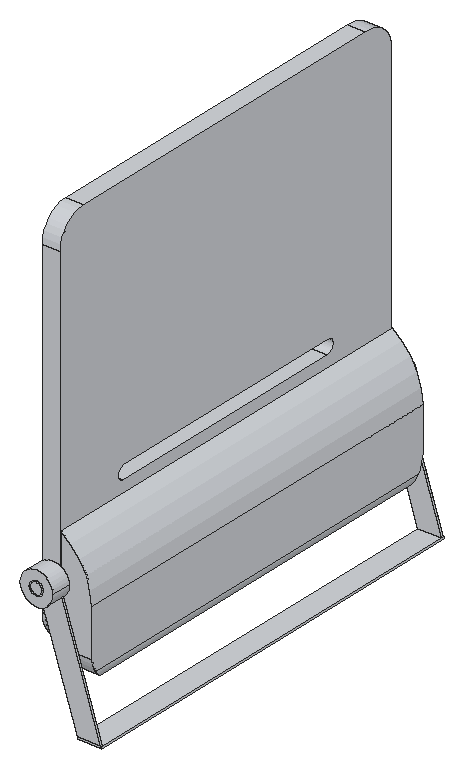
Revit family "2824016", category Generic Models, host Face, Revit 2018
Family settings
  Host = Face
  Can host rebar = No
  Round Connector Dimension = Use Diameter
  Part Type = Normal
  OmniClass Number = 23.80.70.00
  OmniClass Title = Lighting
  Cut with Voids When Loaded = No
  Shared = No
  Room Calculation Point = No
Parameters (values of type "Type Name")
  rotation axis = 142.4 mm
  bracket width = 588 mm
  URL = "http://www.sylvania-lighting.com"
  Type Image = <None>
  Type Comments = "n/a"
  Material_3_SYL = none
  Model = ""
  Manufacturer = "Feilo Sylvania"
  Keynote = ""
  Material_2_SYL = none
  Height = 157.859 mm
  Description = ""
  Default Elevation = 1219.2 mm
  Cost = 0
  Material_1_SYL = none
  Bracket Height = 195 mm
  Assembly Code = ""
  Material_4_SYL = none
Reference planes
  plane 1 "Center (Front/Back)": y = 0
  plane 2: z = 0
  plane 3 "Center (Left/Right)": x = 0
  plane 4: x = -16.5
  plane 5: x = 16.5
  plane 6: z = 155
  plane 7: x = -51.5
  plane 8: z = 137
  plane 9 "Rotation Axis": z = 142.4
  plane 10: z = 152.35
  plane 11: z = 195
  plane 12: x = -73.847
  plane 13: y = 294
  plane 14: y = -294
  plane 15: through (-72.693, -4572, 174.07) normal (-0.3105, 0, 0.9506)
  plane 16: through (-63.557, -4572, 193.954) normal (0.9506, 0, 0.3105)
  plane 17: y = 312
  plane 18: y = 288
  plane 19: y = -312
  plane 20: y = -286
  plane 21: z = 65
Forms (mm)
  Extrusion 1, solid, detail levels medium+fine
    sketch origin (0, 0, 0) x (1, 0, 0) y (0, 1, 0)
      loop
        line (-16.5, 294) -> (-16.5, -294) -> (16.5, -294) -> (16.5, 294) -> (-16.5, 294)
    from 0 to 2
  Extrusion 2, solid, detail levels medium+fine
    sketch origin (1524, -474.9, 1220.035) x (1, 0, 0) y (0, 0, 1)
      loop
        line (-1540.496, -1218.035) -> (-1507.966, -1218.035) -> (-1567.674, -1035.217)
        arc (-1567.674, -1035.217) -> (-1587.557, -1026.081) -> (-1596.693, -1045.965) r 15.473
        line (-1596.693, -1045.965) -> (-1540.496, -1218.035)
    from -180.9 to -182.9
  Extrusion 3, solid, detail levels medium+fine
    sketch origin (0, 0, 0.069) x (1, 0, 0) y (0, 0, 1)
      loop
        line (-16.39, 1.931) -> (16.139, 1.931) -> (-43.636, 184.958)
        arc (-43.636, 184.958) -> (-63.457, 193.922) -> (-72.656, 174.21) r 15.474
        line (-72.656, 174.21) -> (-16.39, 1.931)
    from -294 to -292
  Extrusion 4, solid, detail levels medium+fine
    sketch origin (-6.388, 0, 36.204) x (1, 0, 0) y (0, 0, 1)
      loop
        circle (-51.99, 142.374) r 22.5
    from -286.248 to -312
  Extrusion 5, solid, detail levels medium+fine
    sketch origin (-6.358, 0, 36.195) x (1, 0, 0) y (0, 0, 1)
      loop
        circle (-51.99, 142.374) r 22.5
    from 283.024 to 312
  Extrusion 6, void
    sketch origin (-6.561, 0, 36.284) x (1, 0, 0) y (0, 0, 1)
      loop
        circle (-51.99, 142.374) r 10
    from 294 to 312
  Extrusion 7, solid, detail levels fine
    sketch origin (-6.561, 0, 36.201) x (1, 0, 0) y (0, 0, 1)
      loop
        circle (-51.99, 142.374) r 7.5
    from 294 to 312
  Extrusion 8, void
    sketch origin (1517.357, -324.9, 1255.472) x (1, 0, 0) y (0, 0, 1)
      loop
        circle (-1575.99, -1076.826) r 10
    from -636.9 to -618.9
  Extrusion 9, solid, detail levels fine
    sketch origin (1517.42, -324.9, 1255.374) x (1, 0, 0) y (0, 0, 1)
      loop
        circle (-1575.99, -1076.826) r 7.5
    from -636.9 to -618.9
  Revolve 10, solid, not visible, detail levels coarse
    sketch origin (-58.257, 1655.459, 1254.912) x (0, 1, 0) y (0, 0, 1)
      loop
        line (-1369.21, -1054.349) -> (-1379.437, -1054.349) -> (-1379.437, -1074.349) -> (-1369.21, -1074.349) -> (-1369.21, -1054.349)
      axis (-1369.21, -1076.8) -> (-1379.437, -1076.8)
    angle from 0 to 180
Cuts and joins
  Extrusion 6 cuts Extrusion 5
  Extrusion 8 cuts Extrusion 4
Dimensions and locks
  "Bracket Height": plane 11 to level
  "bracket width": plane 14 to plane 13
  equal spacing: plane 14, plane 1 "Center (Front/Back)", plane 13
  aligned and locked: plane 2 to host face
  aligned and locked: level to host face
Automatic sketch dimensions
  host sketch curve to host sketch curve = 2438.4 mm  (x2)
  Extrusion 1 sketch curve to plane 4 = 0 mm
  Extrusion 1 sketch curve to plane 5 = 0 mm
  Extrusion 4 sketch curve to plane 9 "Rotation Axis" = 36.178 mm
  Extrusion 5 sketch curve to plane 9 "Rotation Axis" = 36.169 mm
  Extrusion 6 sketch curve to plane 9 "Rotation Axis" = 36.258 mm
  Extrusion 7 sketch curve to plane 9 "Rotation Axis" = 36.175 mm
  Extrusion 8 sketch curve to plane 9 "Rotation Axis" = 36.246 mm
  Extrusion 9 sketch curve to plane 9 "Rotation Axis" = 36.148 mm
  Revolve 10 sketch curve to plane 9 "Rotation Axis" = 35.712 mm
  Revolve 10 sketch curve to Revolve 10 sketch curve = 10.227 mm
  Revolve 10 sketch curve to plane 9 "Rotation Axis" = 38.163 mm
  plane 6 to Revolve 10 sketch curve = 45.563 mm
  Revolve 10 sketch curve to Revolve 10 sketch curve = 62.43 mm
  Revolve 10 sketch curve to Revolve 10 sketch curve = 22.367 mm
  plane 12 to Extrusion 2 sketch curve = 1.154 mm
  plane 7 to Extrusion 2 sketch curve = 6.684 mm
  Extrusion 2 sketch curve to plane 7 = 7.826 mm
  plane 4 to Extrusion 2 sketch curve = 0.004 mm
  level to Extrusion 2 sketch curve = 2 mm
  plane 6 to Extrusion 2 sketch curve = 19.07 mm
  Extrusion 2 sketch curve to Extrusion 2 sketch curve = 5.374 mm
  Extrusion 2 sketch curve to plane 5 = 0.466 mm
  plane 12 to Extrusion 3 sketch curve = 1.191 mm
  plane 7 to Extrusion 3 sketch curve = 6.582 mm
  Extrusion 3 sketch curve to plane 7 = 7.864 mm
  plane 4 to Extrusion 3 sketch curve = 0.11 mm
  Extrusion 3 sketch curve to plane 5 = 0.361 mm
  level to Extrusion 3 sketch curve = 2 mm
  Extrusion 3 sketch curve to Extrusion 3 sketch curve = 5.202 mm
  Extrusion 3 sketch curve to plane 11 = 9.973 mm
  plane 7 to Extrusion 6 sketch curve = 7.052 mm
  plane 7 to Extrusion 7 sketch curve = 7.051 mm
  plane 7 to Extrusion 9 sketch curve = 7.07 mm
  plane 7 to Extrusion 4 sketch curve = 6.879 mm
  plane 7 to Extrusion 5 sketch curve = 6.848 mm
  plane 7 to Extrusion 8 sketch curve = 7.133 mm
  Extrusion 1 sketch curve to plane 13 = 0 mm
  Extrusion 1 sketch curve to plane 14 = 0 mm
  Revolve 10 sketch curve to plane 18 = 11.979 mm
  radius of Extrusion 4 sketch curve = 22.5 mm
  radius of Extrusion 5 sketch curve = 22.5 mm
  radius of Extrusion 6 sketch curve = 10 mm
  radius of Extrusion 7 sketch curve = 7.5 mm
  radius of Extrusion 8 sketch curve = 10 mm
  radius of Extrusion 9 sketch curve = 7.5 mm
Nested families
  nested 1: "2824016" at (-58.257, -68.124, 317.5) x (0, 1, 0) z (1, 0, 0), type "2824016 RAIDEN IP66 30KLM 830 WIDE"
    with built-in parameter 1114216 (empty or 0)
Definition of nested family "2824016"
  Parameters (values of type "2824016 RAIDEN IP66 30KLM 830 WIDE")
    height = 60 mm
    Width = 319 mm
    Wattage Comments = "n/a"
    Wattage = 9.2903 W
    built-in parameter 1150110 = 1 (stored number, unit not read)
    URL = "0.95"
    Type Image = (empty or 0)
    Type Comments = "n/a"
    built-in parameter 1114217 = 1 (stored number, unit not read)
    Tilt Angle = -90.00°
    built-in parameter 1150109 = 1 (stored number, unit not read)
    built-in parameter 1150134 = 3
    built-in parameter 1150113 = 1 (stored number, unit not read)
    Photometric Web File = "2824016.IES"
    Material_3_SYL = none
    Model = "Raiden IP66 30KLM 830 Symmetric Wide"
    Manufacturer = ""
    built-in parameter 1150105 = 109.82 (stored number, unit not read)
    Lumens = 1380 lm
    built-in parameter 1150115 = 1 (stored number, unit not read)
    built-in parameter 1150137 = (empty or 0)
    built-in parameter 1150139 = (empty or 0)
    Length = 511 mm
    built-in parameter 1150112 = 1 (stored number, unit not read)
    built-in parameter 1150114 = 1 (stored number, unit not read)
    Lamp = "n/a"
    Keynote = "n/a"
    Material_2_SYL = none
    built-in parameter 1150132 = (empty or 0)
    built-in parameter 1150102 = (empty or 0)
    built-in parameter 1150107 = 3200 (stored number, unit not read)
    built-in parameter 1150138 = (empty or 0)
    built-in parameter 1150106 = 1.0982 (stored number, unit not read)
    Emit from Circle Diameter = 609.6 mm
    Emit Shape Visible in Rendering = no
    built-in parameter 1150104 = 13.8 (stored number, unit not read)
    Dimming Lamp Color Temperature Shift = (empty or 0)
    Description = "Outdoor and indoor floodlight range with in house design, comes complete with 1m flying lead and adjustable bracket, aluminium housing, RAL 9022 - Pearl light grey, clear glass diffuser, IP66, IK08, Class I, 3000K, Non-dimming, 29300lm, 221W, 133lm/W, CRI80, Symmetric Wide beam angle 60°, 100000 hrs L80B50 lifespan, 561x569x76mm (LxWxH) dimensions, 12.5kg weight."
    Default Elevation = 1219.2 mm
    Cost = 0
    Color Filter = 16777215
    built-in parameter 1114216 [instance] = (empty or 0)
    Material_1_SYL = none
    Body Length = 561 mm
    built-in parameter 1114218 = 1 (stored number, unit not read)
    built-in parameter 1150133 = 10 (stored number, unit not read)
    Assembly Code = "D5020200"
    Apparent Load = 221 VA
    Material_4_SYL = none
  Reference planes
    plane 1 "Center (Front/Back)": y = 2.5
    plane 2: z = 0.95
    plane 3 "Center (Left/Right)": x = 68.124
    plane 4: z = -14.05
    plane 5: z = 15.95
    plane 6: z = 0.95
    plane 7: z = 45.95
    plane 8: y = -253
    plane 9: y = -56
    plane 10: x = 253.624
    plane 11: x = -117.376
    plane 12: x = -123.376
    plane 13: y = -226
    plane 14: y = -76
    plane 15: y = -41.5
    plane 16: y = -213
    plane 17: x = 187.624
    plane 18: x = 259.624
    plane 19: x = 352.624
    plane 20: x = -216.376
    plane 21: x = -194.376
    plane 22: x = 330.624
    plane 23: y = 308
    plane 24: y = 286
    plane 25: x = 322.624
  Forms (mm)
    Extrusion 1, solid
      sketch origin (26.073, 0, 0.95) x (1, 0, 0) y (0, 1, 0)
        loop
          line (-1219.2, 1219.2) -> (-1219.2, -1219.2) -> (1219.2, -1219.2) -> (1219.2, 1219.2) -> (-1219.2, 1219.2)
      from 0 to -68.017
    Extrusion 2, solid, detail levels medium+fine
      sketch origin (83.124, -34.451, 0.95) x (1, 0, 0) y (0, 1, 0)
        loop
          line (-299.5, 302.451) -> (-299.5, -151.549)
          arc (-299.5, -151.549) -> (-287.784, -179.833) -> (-259.5, -191.549) r 40
          line (-259.5, -191.549) -> (229.5, -191.549)
          arc (229.5, -191.549) -> (257.784, -179.833) -> (269.5, -151.549) r 40
          line (269.5, -151.549) -> (269.5, 303.451)
          arc (269.5, 303.451) -> (256.273, 332.849) -> (225.5, 342.451) r 39.284
          line (225.5, 342.451) -> (-259.5, 342.451)
          arc (-259.5, 342.451) -> (-287.784, 330.735) -> (-299.5, 302.451) r 40
      from -15 to 9.702
    Extrusion 3, solid, detail levels medium+fine
      sketch origin (402.124, 1489.549, 1205.15) x (0, 1, 0) y (0, 0, 1)
        loop
          line (-1644.468, -1151.519) -> (-1728.014, -1151.519)
          arc (-1728.014, -1151.519) -> (-1739.904, -1157.404) -> (-1742.436, -1170.427) r 14.954
          line (-1742.436, -1170.427) -> (-1715.549, -1219.2) -> (-1565.549, -1219.2) -> (-1565.549, -1194.2)
          arc (-1565.549, -1194.2) -> (-1599.607, -1162.873) -> (-1644.468, -1151.519) r 94.303
      from -618.5 to -49.5
    Extrusion 4, void
      sketch origin (81.72, -11.578, 0.95) x (1, 0, 0) y (0, 1, 0)
        loop
          arc (-276.096, 29.078) -> (-271.703, 18.471) -> (-261.096, 14.078) r 15
          line (-261.096, 14.078) -> (233.904, 14.078)
          arc (233.904, 14.078) -> (244.51, 18.471) -> (248.904, 29.078) r 15
          line (248.904, 29.078) -> (248.904, 282.578)
          arc (248.904, 282.578) -> (244.51, 293.184) -> (233.904, 297.578) r 15
          line (233.904, 297.578) -> (-261.096, 297.578)
          arc (-261.096, 297.578) -> (-271.703, 293.184) -> (-276.096, 282.578) r 15
          line (-276.096, 282.578) -> (-276.096, 29.078)
      from -16.268 to -10.594
    Extrusion 5, solid, detail levels fine
      sketch origin (83.124, 0.218, 0.95) x (1, 0, 0) y (0, 1, 0)
        loop
          arc (-262.5, 285.782) -> (-273.107, 281.388) -> (-277.5, 270.782) r 15
          line (-277.5, 270.782) -> (-277.5, 17.282)
          arc (-277.5, 17.282) -> (-273.107, 6.675) -> (-262.5, 2.282) r 15
          line (-262.5, 2.282) -> (232.5, 2.282)
          arc (232.5, 2.282) -> (243.107, 6.675) -> (247.5, 17.282) r 15
          line (247.5, 17.282) -> (247.5, 270.782)
          arc (247.5, 270.782) -> (243.107, 281.388) -> (232.5, 285.782) r 15
          line (232.5, 285.782) -> (-262.5, 285.782)
      from -12.231 to -10.594
    Extrusion 6, void
      sketch origin (58.977, -53.062, 0.95) x (1, 0, 0) y (0, 1, 0)
        loop
          arc (184.512, -8.423) -> (194.512, 1.577) -> (184.512, 11.577) r 10
          line (184.512, 11.577) -> (-166.339, 11.577)
          arc (-166.339, 11.577) -> (-176.339, 1.577) -> (-166.339, -8.423) r 10
          line (-166.339, -8.423) -> (184.512, -8.423)
      from -18.734 to 12.525
    Extrusion 7, void
      sketch origin (68.124, -34.451, 0) x (0, 1, 0) y (0, 0, 1)
        loop
          line (-253.049, 15.95) -> (-253.049, -34.125) -> (-191.549, -30.902) -> (-191.549, 15.95) -> (-253.049, 15.95)
      from 191.5 to 306.113
    Extrusion 8, void
      sketch origin (68.124, -34.451, 0) x (0, 1, 0) y (0, 0, 1)
        loop
          line (-191.549, 15.95) -> (-275.432, 15.95) -> (-275.432, -28.004) -> (-191.549, -28.004) -> (-191.549, 15.95)
      from -308.216 to -191.5
    Extrusion 9, void
      sketch origin (-101.376, -126, 0.95) x (1, 0, 0) y (0, 1, 0)
        loop
          line (-115, -60) -> (-115, -100) -> (-75, -100)
          arc (-75, -100) -> (-103.284, -88.284) -> (-115, -60) r 40
      from -22.043 to 15
    Extrusion 10, void
      sketch origin (216.954, 19.065, 0.95) x (1, 0, 0) y (0, 1, 0)
        loop
          line (95.67, -245.065) -> (135.67, -245.065) -> (135.67, -205.065)
          arc (135.67, -205.065) -> (123.954, -233.349) -> (95.67, -245.065) r 40
      from -24.354 to 15
    Extrusion 11, solid, detail levels medium+fine
      sketch origin (1742.042, -359.351, 1205.129) x (1, 0, 0) y (0, 0, 1)
        loop
          circle (-1419.5, -1204.2) r 11
      from -140.977 to -106.464
    Extrusion 12, void
      sketch origin (-125, 0, 0.95) x (1, 0, 0) y (0, 1, 0)
        loop
          line (-91.376, -186) -> (-91.376, -226) -> (-51.376, -226)
          arc (-51.376, -226) -> (-79.66, -214.284) -> (-91.376, -186) r 40
      from -15 to 15
    Extrusion 13, void
      sketch origin (-125.5, 7.123, 0.95) x (1, 0, 0) y (0, 1, 0)
        loop
          line (-91.376, -221) -> (-91.376, -261) -> (-51.376, -261)
          arc (-51.376, -261) -> (-79.66, -249.284) -> (-91.376, -221) r 40
      from 0 to 100
    Extrusion 14, void
      sketch origin (125, 3.379, 0.95) x (1, 0, 0) y (0, 1, 0)
        loop
          arc (227.624, -217.683) -> (215.905, -245.976) -> (187.612, -257.696) r 40.012
          line (187.612, -257.696) -> (227.624, -257.696) -> (227.624, -217.683)
      from 12.525 to 100
    Extrusion 15, solid, detail levels coarse
      sketch origin (0, 0, 0.95) x (1, 0, 0) y (0, 1, 0)
        loop
          line (-216.376, 308) -> (-216.376, -252.887) -> (352.624, -252.887) -> (352.624, 308) -> (-216.376, 308)
      from -15 to 52.681
  Cuts and joins
    Extrusion 4, Extrusion 6, Extrusion 7, Extrusion 8, Extrusion 9, Extrusion 10, Extrusion 12 cuts Extrusion 2
    Extrusion 6, Extrusion 7, Extrusion 8, Extrusion 9, Extrusion 10, Extrusion 12, Extrusion 13, Extrusion 14 cuts Extrusion 3
    Extrusion 14 cuts Extrusion 11
  Dimensions and locks
    "height": plane 4 to plane 7
    plane 1 "Center (Front/Back)" to plane 8 = 255.5 mm
    Extrusion 15 to Extrusion 2 = 534 mm
    plane 1 "Center (Front/Back)" to Extrusion 5 = 283.5 mm
    "Body Length": plane 23 to plane 8
    aligned and locked: plane 2 to Extrusion 1
    aligned and locked: level to Extrusion 1
  Automatic sketch dimensions
    Extrusion 1 sketch curve to Extrusion 1 sketch curve = 2438.4 mm  (x2)
    Extrusion 4 sketch curve to plane 3 "Center (Left/Right)" = 262.5 mm
    Extrusion 4 sketch curve to Extrusion 4 sketch curve = 15 mm  (x3)
    plane 1 "Center (Front/Back)" to Extrusion 4 sketch curve = 0 mm
    Extrusion 4 sketch curve to Extrusion 4 sketch curve = 253.5 mm
    Extrusion 5 sketch curve to plane 3 "Center (Left/Right)" = 262.5 mm
    Extrusion 5 sketch curve to Extrusion 5 sketch curve = 15 mm  (x2)
    plane 1 "Center (Front/Back)" to Extrusion 5 sketch curve = 0 mm
    Extrusion 5 sketch curve to Extrusion 5 sketch curve = 253.5 mm
    Extrusion 7 sketch curve to plane 5 = 0 mm
    Extrusion 7 sketch curve to plane 4 = 16.852 mm
    Extrusion 7 sketch curve to plane 4 = 20.075 mm
    Extrusion 8 sketch curve to plane 5 = 0 mm
    Extrusion 8 sketch curve to plane 4 = 13.954 mm
    Extrusion 8 sketch curve to Extrusion 8 sketch curve = 83.883 mm
    Extrusion 9 sketch curve to plane 3 "Center (Left/Right)" = 284.5 mm
    Extrusion 9 sketch curve to Extrusion 9 sketch curve = 40 mm
    Extrusion 11 sketch curve to level = 0.021 mm
    Extrusion 10 sketch curve to Extrusion 10 sketch curve = 40 mm
    plane 13 to Extrusion 12 sketch curve = 0 mm
    Extrusion 13 sketch curve to plane 16 = 0.877 mm
    Extrusion 13 sketch curve to plane 8 = 0.877 mm
    plane 17 to Extrusion 14 sketch curve = 124.988 mm
    Extrusion 14 sketch curve to plane 16 = 1.305 mm
    Extrusion 14 sketch curve to plane 8 = 1.317 mm
    Extrusion 7 sketch curve to plane 13 = 0 mm
    Extrusion 7 sketch curve to plane 8 = 34.5 mm
    Extrusion 8 sketch curve to plane 13 = 0 mm
    Extrusion 9 sketch curve to plane 13 = 0 mm
    Extrusion 10 sketch curve to plane 13 = 0 mm
    plane 9 to Extrusion 6 sketch curve = 14.516 mm
    plane 14 to Extrusion 6 sketch curve = 14.516 mm
    plane 11 to Extrusion 6 sketch curve = 10.014 mm
    Extrusion 6 sketch curve to plane 10 = 10.135 mm
    Extrusion 3 sketch curve to plane 4 = 0 mm
    Extrusion 3 sketch curve to plane 13 = 0 mm
    Extrusion 3 sketch curve to plane 14 = 0 mm
    plane 8 to Extrusion 3 sketch curve = 14.535 mm
    plane 8 to Extrusion 3 sketch curve = 0.113 mm
    Extrusion 3 sketch curve to plane 4 = 26.622 mm
    Extrusion 3 sketch curve to plane 7 = 11.227 mm
    Extrusion 3 sketch curve to plane 7 = 7.273 mm
    Extrusion 3 sketch curve to plane 5 = 5 mm
    plane 8 to Extrusion 15 sketch curve = 0.113 mm
    Extrusion 15 sketch curve to plane 20 = 0 mm
    plane 17 to Extrusion 4 sketch curve = 128 mm  (x2)
    plane 17 to Extrusion 5 sketch curve = 128 mm  (x2)
    Extrusion 10 sketch curve to plane 19 = 0 mm
    plane 17 to Extrusion 11 sketch curve = 134.918 mm
    Extrusion 15 sketch curve to plane 19 = 0 mm
    Extrusion 15 sketch curve to plane 23 = 0 mm
    Extrusion 12 sketch curve to plane 20 = 0 mm
    plane 21 to Extrusion 12 sketch curve = 18 mm
    Extrusion 5 sketch curve to plane 22 = 0 mm
    Extrusion 2 sketch curve to plane 20 = 0 mm
    Extrusion 2 sketch curve to plane 13 = 0 mm
    Extrusion 2 sketch curve to plane 23 = 0 mm
    Extrusion 2 sketch curve to plane 19 = 0 mm
    plane 21 to Extrusion 2 sketch curve = 18 mm  (x2)
    Extrusion 2 sketch curve to plane 22 = 18 mm
    Extrusion 2 sketch curve to plane 24 = 17 mm
    Extrusion 2 sketch curve to Extrusion 2 sketch curve = 39.284 mm
    Extrusion 13 sketch curve to plane 20 = 0.5 mm
    radius of Extrusion 11 sketch curve = 11 mm
  Connectors
    electrical at (322.542, -252.887, 0.929)
      settings: on Extrusion 11, index 1, voltage 0 V, apparent load 0 VA, apparent load phase1 0 VA, apparent load phase2 0 VA, apparent load phase3 0 VA, power factor 1, load classification none, number of poles 1, system type 31, power factor state 1, is connector primary yes, connector utility no, sub classification motor no, connector description ""
